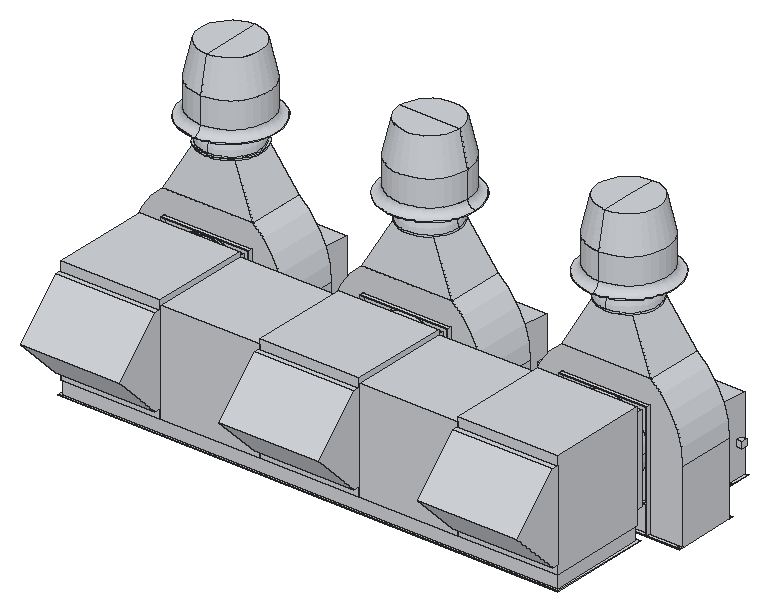
Revit family "Triple_CAVP_with_Mixing_Box", category Mechanical Equipment, Revit 2019 (continued)
Types (228): name | TRIP_Q | TRANSITION/2 | TRANSITION | RO2/2 | RO/2 | MB_P+MB_P+.5 | E/52*30 | E/2-H/2 | E-N-N-H | E-(NOZZLE_RAD/3*2) | TRIP_Q-4.5" | DUAL_Q+.25" | DUAL_Q | R-((B/2)+1.5") | R+((B/2)+1.5") | R*1.1 | R | MB_P-4.5" | MB_P+.25" | P | NOZZLE_WB_RAD-2" | NOZZLE_WB_RAD | NOZZLE_WB_OD | NOZZLE_WB/4 | NOZZLE_TOP_RAD | NOZZLE_TOP_OD | NOZZLE_SIZE | NOZZLE_HEIGHT/7*2 | NOZZLE_HEIGHT | NOZZLE_BOTTOM_RAD-3*2 | NOZZLE_BOTTOM_RAD | NOZZLE_BOTTOM_ID | MB_N-(D-J-K-L) | N+(H/2) | N | MB_Q | MB_P | MB_N | MB_HEIGHT/2 | MB_HEIGHT | MB_F | MB_A | M-(2*(D-L-K-J)) | M | L | K | J+K+L | J | HEIGHT | H/2 | H | F/2 | MB_F-3" | F | E/52*15 | E/2 | E | D-M | D-L-K-J | D | CLASS | C/2 | C | B/4 | B/2 | B | A/2 | A | Type Comments | -MB_P-.25 | -MB_P | -MB_HEIGHT | -(F-((F-H)/2))/2 | -((MB_Q / 2) + 1/8") | (NOZZLE_WB_OD - NOZZLE_TOP_OD) / 4 | (NOZZLE_HEIGHT - (NOZZLE_HEIGHT / 8 * 2)) / 2 | (MB_Q/2)+.125" | (MB_P/2-.125")-((F / 2) - 2") | (MB_P/2-.125")+((F / 2) - 2") | (MB_P/2)+.125" | (M - (2 * (D - L - K - J)))/2 | (F-((F-H)/2))/2 | (E/2)-(E/52*15) | (E/2)-((MB_P/2)+.125") | (E/2)-((B/2)+1.5") | (D-J-K-L)*2 | (B/2)-.125" | (B/2)+1.5" | ((M - (2 * (D - L - K - J))) / 2) + (TRANSITION / 2)
  Triple_600_CAVP-36H_CLASS_2_With_Mixing_Box | 385 3/4" | 18.29639" | 36.59278" | 190 5/8" | 36 1/4" | 154 1/2" | 72.4399" | 28 7/16" | 2" | 45 17/32" | 381 1/4" | 231 5/8" | 231 3/8" | 24 1/2" | 93 1/2" | 64.9" | 59" | 72 1/2" | 77 1/4" | 26" | 43" | 45" | 90" | 18" | 29" | 58" | 36" | 23 3/4" | 95" | 19 7/8" | 25 7/8" | 51 3/4" | 12 1/4" | 60 25/32" | 26 7/16" | 77" | 77" | 13 5/8" | 42 1/4" | 84 1/2" | 21 1/4" | 228 1/4" | 46 9/16" | 49 5/16" | 51 9/16" | 30 1/8" | 96 3/16" | 14 1/2" | 113.83314" | 34 11/32" | 68 11/16" | 35 11/32" | 18 1/4" | 70 11/16" | 36.21995" | 62 25/32" | 125 9/16" | 48 1/4" | 1 3/8" | 97 9/16" | 2" | 72 11/32" | 144 11/16" | 16 1/2" | 33" | 66" | 119 23/32" | 239 7/16" | "Triple Vari-Plume Laboratory Exhaust Centrifugal Airfoil Class 2 Arr 10 With Mixing Box" | -77 1/4" | -77" | -84 1/2" | -33 11/32" | -38 5/8" | 8" | 35 5/8" | 38 5/8" | -5 1/32" | -71 23/32" | 38 5/8" | 23 9/32" | 33 11/32" | 26.5613" | 24 5/32" | 28 9/32" | 2 3/4" | 32 7/8" | 34 1/2" | 41.57764"
  Triple_600_CAVP-49L_CLASS_2_With_Mixing_Box | 385 3/4" | 24.52777" | 49.05553" | 190 5/8" | 36 1/4" | 154 1/2" | 72.4399" | 28 7/16" | 2" | 39 21/32" | 381 1/4" | 231 5/8" | 231 3/8" | 24 1/2" | 93 1/2" | 64.9" | 59" | 72 1/2" | 77 1/4" | 26" | 48 1/2" | 50 1/2" | 101" | 20.2" | 38" | 76" | 49" | 27 1/2" | 110" | 28 11/16" | 34 11/16" | 69 3/8" | 12 1/4" | 60 25/32" | 26 7/16" | 77" | 77" | 13 5/8" | 42 1/4" | 84 1/2" | 21 1/4" | 228 1/4" | 46 9/16" | 49 5/16" | 51 9/16" | 30 1/8" | 96 3/16" | 14 1/2" | 113.83314" | 34 11/32" | 68 11/16" | 35 11/32" | 18 1/4" | 70 11/16" | 36.21995" | 62 25/32" | 125 9/16" | 48 1/4" | 1 3/8" | 97 9/16" | 2" | 72 11/32" | 144 11/16" | 16 1/2" | 33" | 66" | 119 23/32" | 239 7/16" | "Triple Vari-Plume Laboratory Exhaust Centrifugal Airfoil Class 2 Arr 10 With Mixing Box" | -77 1/4" | -77" | -84 1/2" | -33 11/32" | -38 5/8" | 6 1/4" | 41 1/4" | 38 5/8" | -5 1/32" | -71 23/32" | 38 5/8" | 23 9/32" | 33 11/32" | 26.5613" | 24 5/32" | 28 9/32" | 2 3/4" | 32 7/8" | 34 1/2" | 47.80902"
  Triple_600_CAVP-49H_CLASS_2_With_Mixing_Box | 385 3/4" | 24.52777" | 49.05553" | 190 5/8" | 36 1/4" | 154 1/2" | 72.4399" | 28 7/16" | 2" | 39 21/32" | 381 1/4" | 231 5/8" | 231 3/8" | 24 1/2" | 93 1/2" | 64.9" | 59" | 72 1/2" | 77 1/4" | 26" | 48 1/2" | 50 1/2" | 101" | 20.2" | 38" | 76" | 49" | 27 1/2" | 110" | 28 11/16" | 34 11/16" | 69 3/8" | 12 1/4" | 60 25/32" | 26 7/16" | 77" | 77" | 13 5/8" | 42 1/4" | 84 1/2" | 21 1/4" | 228 1/4" | 46 9/16" | 49 5/16" | 51 9/16" | 30 1/8" | 96 3/16" | 14 1/2" | 113.83314" | 34 11/32" | 68 11/16" | 35 11/32" | 18 1/4" | 70 11/16" | 36.21995" | 62 25/32" | 125 9/16" | 48 1/4" | 1 3/8" | 97 9/16" | 2" | 72 11/32" | 144 11/16" | 16 1/2" | 33" | 66" | 119 23/32" | 239 7/16" | "Triple Vari-Plume Laboratory Exhaust Centrifugal Airfoil Class 2 Arr 10 With Mixing Box" | -77 1/4" | -77" | -84 1/2" | -33 11/32" | -38 5/8" | 6 1/4" | 41 1/4" | 38 5/8" | -5 1/32" | -71 23/32" | 38 5/8" | 23 9/32" | 33 11/32" | 26.5613" | 24 5/32" | 28 9/32" | 2 3/4" | 32 7/8" | 34 1/2" | 47.80902"
  Triple_660_CAVP-36H_CLASS_1_With_Mixing_Box | 415 3/4" | 18.29639" | 36.59278" | 205 5/8" | 39 1/4" | 166 1/2" | 79.57933" | 31 5/8" | 2" | 51 23/32" | 411 1/4" | 249 5/8" | 249 3/8" | 27 1/2" | 102 1/2" | 71 1/2" | 65" | 78 1/2" | 83 1/4" | 19 1/2" | 43" | 45" | 90" | 18" | 29" | 58" | 36" | 23 3/4" | 95" | 19 7/8" | 25 7/8" | 51 3/4" | 12 1/4" | 66 31/32" | 29 5/8" | 83" | 83" | 13 5/8" | 46 3/4" | 93 1/2" | 24 1/4" | 243 5/8" | 51 3/16" | 53 15/16" | 56 1/4" | 29 7/8" | 101 1/8" | 15" | 125.23731" | 37 11/32" | 74 11/16" | 38 11/32" | 21 1/4" | 76 11/16" | 39.78966" | 68 31/32" | 137 15/16" | 48 9/16" | 1 3/8" | 102 1/2" | 1" | 80 1/8" | 160 1/4" | 18" | 36" | 72" | 135 1/8" | 270 1/4" | "Triple Vari-Plume Laboratory Exhaust Centrifugal Airfoil Class 1 Arr 10 With Mixing Box" | -83 1/4" | -83" | -93 1/2" | -36 11/32" | -41 5/8" | 8" | 35 5/8" | 41 5/8" | -5 1/32" | -77 23/32" | 41 5/8" | 25 19/32" | 36 11/32" | 29.17909" | 27 11/32" | 31 15/32" | 2 3/4" | 35 7/8" | 37 1/2" | 43.89014"
  Triple_660_CAVP-36L_CLASS_1_With_Mixing_Box | 415 3/4" | 18.29639" | 36.59278" | 205 5/8" | 39 1/4" | 166 1/2" | 79.57933" | 31 5/8" | 2" | 51 23/32" | 411 1/4" | 249 5/8" | 249 3/8" | 27 1/2" | 102 1/2" | 71 1/2" | 65" | 78 1/2" | 83 1/4" | 19 1/2" | 43" | 45" | 90" | 18" | 29" | 58" | 36" | 23 3/4" | 95" | 19 7/8" | 25 7/8" | 51 3/4" | 12 1/4" | 66 31/32" | 29 5/8" | 83" | 83" | 13 5/8" | 46 3/4" | 93 1/2" | 24 1/4" | 243 5/8" | 51 3/16" | 53 15/16" | 56 1/4" | 29 7/8" | 101 1/8" | 15" | 125.23731" | 37 11/32" | 74 11/16" | 38 11/32" | 21 1/4" | 76 11/16" | 39.78966" | 68 31/32" | 137 15/16" | 48 9/16" | 1 3/8" | 102 1/2" | 1" | 80 1/8" | 160 1/4" | 18" | 36" | 72" | 135 1/8" | 270 1/4" | "Triple Vari-Plume Laboratory Exhaust Centrifugal Airfoil Class 1 Arr 10 With Mixing Box" | -83 1/4" | -83" | -93 1/2" | -36 11/32" | -41 5/8" | 8" | 35 5/8" | 41 5/8" | -5 1/32" | -77 23/32" | 41 5/8" | 25 19/32" | 36 11/32" | 29.17909" | 27 11/32" | 31 15/32" | 2 3/4" | 35 7/8" | 37 1/2" | 43.89014"
  Triple_660_CAVP-49H_CLASS_1_With_Mixing_Box | 415 3/4" | 24.52777" | 49.05553" | 205 5/8" | 39 1/4" | 166 1/2" | 79.57933" | 31 5/8" | 2" | 45 27/32" | 411 1/4" | 249 5/8" | 249 3/8" | 27 1/2" | 102 1/2" | 71 1/2" | 65" | 78 1/2" | 83 1/4" | 19 1/2" | 48 1/2" | 50 1/2" | 101" | 20.2" | 38" | 76" | 49" | 27 1/2" | 110" | 28 11/16" | 34 11/16" | 69 3/8" | 12 1/4" | 66 31/32" | 29 5/8" | 83" | 83" | 13 5/8" | 46 3/4" | 93 1/2" | 24 1/4" | 243 5/8" | 51 3/16" | 53 15/16" | 56 1/4" | 29 7/8" | 101 1/8" | 15" | 125.23731" | 37 11/32" | 74 11/16" | 38 11/32" | 21 1/4" | 76 11/16" | 39.78966" | 68 31/32" | 137 15/16" | 48 9/16" | 1 3/8" | 102 1/2" | 1" | 80 1/8" | 160 1/4" | 18" | 36" | 72" | 135 1/8" | 270 1/4" | "Triple Vari-Plume Laboratory Exhaust Centrifugal Airfoil Class 1 Arr 10 With Mixing Box" | -83 1/4" | -83" | -93 1/2" | -36 11/32" | -41 5/8" | 6 1/4" | 41 1/4" | 41 5/8" | -5 1/32" | -77 23/32" | 41 5/8" | 25 19/32" | 36 11/32" | 29.17909" | 27 11/32" | 31 15/32" | 2 3/4" | 35 7/8" | 37 1/2" | 50.12152"
  Triple_660_CAVP-49L_CLASS_1_With_Mixing_Box | 415 3/4" | 24.52777" | 49.05553" | 205 5/8" | 39 1/4" | 166 1/2" | 79.57933" | 31 5/8" | 2" | 45 27/32" | 411 1/4" | 249 5/8" | 249 3/8" | 27 1/2" | 102 1/2" | 71 1/2" | 65" | 78 1/2" | 83 1/4" | 19 1/2" | 48 1/2" | 50 1/2" | 101" | 20.2" | 38" | 76" | 49" | 27 1/2" | 110" | 28 11/16" | 34 11/16" | 69 3/8" | 12 1/4" | 66 31/32" | 29 5/8" | 83" | 83" | 13 5/8" | 46 3/4" | 93 1/2" | 24 1/4" | 243 5/8" | 51 3/16" | 53 15/16" | 56 1/4" | 29 7/8" | 101 1/8" | 15" | 125.23731" | 37 11/32" | 74 11/16" | 38 11/32" | 21 1/4" | 76 11/16" | 39.78966" | 68 31/32" | 137 15/16" | 48 9/16" | 1 3/8" | 102 1/2" | 1" | 80 1/8" | 160 1/4" | 18" | 36" | 72" | 135 1/8" | 270 1/4" | "Triple Vari-Plume Laboratory Exhaust Centrifugal Airfoil Class 1 Arr 10 With Mixing Box" | -83 1/4" | -83" | -93 1/2" | -36 11/32" | -41 5/8" | 6 1/4" | 41 1/4" | 41 5/8" | -5 1/32" | -77 23/32" | 41 5/8" | 25 19/32" | 36 11/32" | 29.17909" | 27 11/32" | 31 15/32" | 2 3/4" | 35 7/8" | 37 1/2" | 50.12152"
  Triple_660_CAVP-36H_CLASS_2_With_Mixing_Box | 415 3/4" | 18.29639" | 36.59278" | 205 5/8" | 39 1/4" | 166 1/2" | 79.57933" | 31 5/8" | 2" | 51 23/32" | 411 1/4" | 249 5/8" | 249 3/8" | 27 1/2" | 102 1/2" | 71 1/2" | 65" | 78 1/2" | 83 1/4" | 29 1/2" | 43" | 45" | 90" | 18" | 29" | 58" | 36" | 23 3/4" | 95" | 19 7/8" | 25 7/8" | 51 3/4" | 12 1/4" | 66 31/32" | 29 5/8" | 83" | 83" | 13 5/8" | 46 3/4" | 93 1/2" | 24 1/4" | 252 3/8" | 51 3/16" | 53 15/16" | 56 1/4" | 38 5/8" | 109 7/8" | 15" | 125.23731" | 37 11/32" | 74 11/16" | 38 11/32" | 21 1/4" | 76 11/16" | 39.78966" | 68 31/32" | 137 15/16" | 57 5/16" | 1 3/8" | 111 1/4" | 2" | 80 1/8" | 160 1/4" | 18" | 36" | 72" | 135 1/8" | 270 1/4" | "Triple Vari-Plume Laboratory Exhaust Centrifugal Airfoil Class 2 Arr 10 With Mixing Box" | -83 1/4" | -83" | -93 1/2" | -36 11/32" | -41 5/8" | 8" | 35 5/8" | 41 5/8" | -5 1/32" | -77 23/32" | 41 5/8" | 25 19/32" | 36 11/32" | 29.17909" | 27 11/32" | 31 15/32" | 2 3/4" | 35 7/8" | 37 1/2" | 43.89014"
  Triple_660_CAVP-36L_CLASS_2_With_Mixing_Box | 415 3/4" | 18.29639" | 36.59278" | 205 5/8" | 39 1/4" | 166 1/2" | 79.57933" | 31 5/8" | 2" | 51 23/32" | 411 1/4" | 249 5/8" | 249 3/8" | 27 1/2" | 102 1/2" | 71 1/2" | 65" | 78 1/2" | 83 1/4" | 29 1/2" | 43" | 45" | 90" | 18" | 29" | 58" | 36" | 23 3/4" | 95" | 19 7/8" | 25 7/8" | 51 3/4" | 12 1/4" | 66 31/32" | 29 5/8" | 83" | 83" | 13 5/8" | 46 3/4" | 93 1/2" | 24 1/4" | 252 3/8" | 51 3/16" | 53 15/16" | 56 1/4" | 38 5/8" | 109 7/8" | 15" | 125.23731" | 37 11/32" | 74 11/16" | 38 11/32" | 21 1/4" | 76 11/16" | 39.78966" | 68 31/32" | 137 15/16" | 57 5/16" | 1 3/8" | 111 1/4" | 2" | 80 1/8" | 160 1/4" | 18" | 36" | 72" | 135 1/8" | 270 1/4" | "Triple Vari-Plume Laboratory Exhaust Centrifugal Airfoil Class 2 Arr 10 With Mixing Box" | -83 1/4" | -83" | -93 1/2" | -36 11/32" | -41 5/8" | 8" | 35 5/8" | 41 5/8" | -5 1/32" | -77 23/32" | 41 5/8" | 25 19/32" | 36 11/32" | 29.17909" | 27 11/32" | 31 15/32" | 2 3/4" | 35 7/8" | 37 1/2" | 43.89014"
  Triple_660_CAVP-49L_CLASS_2_With_Mixing_Box | 415 3/4" | 24.52777" | 49.05553" | 205 5/8" | 39 1/4" | 166 1/2" | 79.57933" | 31 5/8" | 2" | 45 27/32" | 411 1/4" | 249 5/8" | 249 3/8" | 27 1/2" | 102 1/2" | 71 1/2" | 65" | 78 1/2" | 83 1/4" | 29 1/2" | 48 1/2" | 50 1/2" | 101" | 20.2" | 38" | 76" | 49" | 27 1/2" | 110" | 28 11/16" | 34 11/16" | 69 3/8" | 12 1/4" | 66 31/32" | 29 5/8" | 83" | 83" | 13 5/8" | 46 3/4" | 93 1/2" | 24 1/4" | 252 3/8" | 51 3/16" | 53 15/16" | 56 1/4" | 38 5/8" | 109 7/8" | 15" | 125.23731" | 37 11/32" | 74 11/16" | 38 11/32" | 21 1/4" | 76 11/16" | 39.78966" | 68 31/32" | 137 15/16" | 57 5/16" | 1 3/8" | 111 1/4" | 2" | 80 1/8" | 160 1/4" | 18" | 36" | 72" | 135 1/8" | 270 1/4" | "Triple Vari-Plume Laboratory Exhaust Centrifugal Airfoil Class 2 Arr 10 With Mixing Box" | -83 1/4" | -83" | -93 1/2" | -36 11/32" | -41 5/8" | 6 1/4" | 41 1/4" | 41 5/8" | -5 1/32" | -77 23/32" | 41 5/8" | 25 19/32" | 36 11/32" | 29.17909" | 27 11/32" | 31 15/32" | 2 3/4" | 35 7/8" | 37 1/2" | 50.12152"
  Triple_730_CAVP-36H_CLASS_1_With_Mixing_Box | 450 3/4" | 18.29639" | 36.59278" | 223 1/8" | 42 3/4" | 180 1/2" | 87.90865" | 35 11/32" | 2" | 58 15/16" | 446 1/4" | 270 5/8" | 270 3/8" | 31" | 113" | 79.2" | 72" | 85 1/2" | 90 1/4" | 22 1/8" | 43" | 45" | 90" | 18" | 29" | 58" | 36" | 23 3/4" | 95" | 19 7/8" | 25 7/8" | 51 3/4" | 12 1/4" | 74 3/16" | 33 11/32" | 90" | 90" | 13 5/8" | 52" | 104" | 27 3/4" | 248 1/128" | 56 1/2" | 59 1/4" | 61 9/16" | 29 7/8" | 106 15/16" | 15 1/2" | 138.54216" | 40 27/32" | 81 11/16" | 41 27/32" | 24 3/4" | 83 11/16" | 43.95433" | 76 3/16" | 152 3/8" | 49 1/16" | 1 3/8" | 108 5/16" | 1" | 88 3/16" | 176 3/8" | 19 3/4" | 39 1/2" | 79" | 143 3/16" | 286 3/8" | "Triple Vari-Plume Laboratory Exhaust Centrifugal Airfoil Class 1 Arr 10 With Mixing Box" | -90 1/4" | -90" | -104" | -39 27/32" | -45 1/8" | 8" | 35 5/8" | 45 1/8" | -5 1/32" | -84 23/32" | 45 1/8" | 28 1/4" | 39 27/32" | 32.23317" | 31 1/16" | 35 3/16" | 2 3/4" | 39 3/8" | 41" | 46.54639"
  Triple_730_CAVP-36L_CLASS_1_With_Mixing_Box | 450 3/4" | 18.29639" | 36.59278" | 223 1/8" | 42 3/4" | 180 1/2" | 87.90865" | 35 11/32" | 2" | 58 15/16" | 446 1/4" | 270 5/8" | 270 3/8" | 31" | 113" | 79.2" | 72" | 85 1/2" | 90 1/4" | 22 1/8" | 43" | 45" | 90" | 18" | 29" | 58" | 36" | 23 3/4" | 95" | 19 7/8" | 25 7/8" | 51 3/4" | 12 1/4" | 74 3/16" | 33 11/32" | 90" | 90" | 13 5/8" | 52" | 104" | 27 3/4" | 261 11/16" | 56 1/2" | 59 1/4" | 61 9/16" | 29 7/8" | 106 15/16" | 15 1/2" | 138.54216" | 40 27/32" | 81 11/16" | 41 27/32" | 24 3/4" | 83 11/16" | 43.95433" | 76 3/16" | 152 3/8" | 49 1/16" | 1 3/8" | 108 5/16" | 1" | 88 3/16" | 176 3/8" | 19 3/4" | 39 1/2" | 79" | 143 3/16" | 286 3/8" | "Triple Vari-Plume Laboratory Exhaust Centrifugal Airfoil Class 1 Arr 10 With Mixing Box" | -90 1/4" | -90" | -104" | -39 27/32" | -45 1/8" | 8" | 35 5/8" | 45 1/8" | -5 1/32" | -84 23/32" | 45 1/8" | 28 1/4" | 39 27/32" | 32.23317" | 31 1/16" | 35 3/16" | 2 3/4" | 39 3/8" | 41" | 46.54639"
  Triple_730_CAVP-49H_CLASS_1_With_Mixing_Box | 450 3/4" | 24.52777" | 49.05553" | 223 1/8" | 42 3/4" | 180 1/2" | 87.90865" | 35 11/32" | 2" | 53 1/16" | 446 1/4" | 270 5/8" | 270 3/8" | 31" | 113" | 79.2" | 72" | 85 1/2" | 90 1/4" | 22 1/8" | 48 1/2" | 50 1/2" | 101" | 20.2" | 38" | 76" | 49" | 27 1/2" | 110" | 28 11/16" | 34 11/16" | 69 3/8" | 12 1/4" | 74 3/16" | 33 11/32" | 90" | 90" | 13 5/8" | 52" | 104" | 27 3/4" | 261 11/16" | 56 1/2" | 59 1/4" | 61 9/16" | 29 7/8" | 106 15/16" | 15 1/2" | 138.54216" | 40 27/32" | 81 11/16" | 41 27/32" | 24 3/4" | 83 11/16" | 43.95433" | 76 3/16" | 152 3/8" | 49 1/16" | 1 3/8" | 108 5/16" | 1" | 88 3/16" | 176 3/8" | 19 3/4" | 39 1/2" | 79" | 143 3/16" | 286 3/8" | "Triple Vari-Plume Laboratory Exhaust Centrifugal Airfoil Class 1 Arr 10 With Mixing Box" | -90 1/4" | -90" | -104" | -39 27/32" | -45 1/8" | 6 1/4" | 41 1/4" | 45 1/8" | -5 1/32" | -84 23/32" | 45 1/8" | 28 1/4" | 39 27/32" | 32.23317" | 31 1/16" | 35 3/16" | 2 3/4" | 39 3/8" | 41" | 52.77777"
  Triple_730_CAVP-49L_CLASS_1_With_Mixing_Box | 450 3/4" | 24.52777" | 49.05553" | 223 1/8" | 42 3/4" | 180 1/2" | 87.90865" | 35 11/32" | 2" | 53 1/16" | 446 1/4" | 270 5/8" | 270 3/8" | 31" | 113" | 79.2" | 72" | 85 1/2" | 90 1/4" | 22 1/8" | 48 1/2" | 50 1/2" | 101" | 20.2" | 38" | 76" | 49" | 27 1/2" | 110" | 28 11/16" | 34 11/16" | 69 3/8" | 12 1/4" | 74 3/16" | 33 11/32" | 90" | 90" | 13 5/8" | 52" | 104" | 27 3/4" | 261 11/16" | 56 1/2" | 59 1/4" | 61 9/16" | 29 7/8" | 106 15/16" | 15 1/2" | 138.54216" | 40 27/32" | 81 11/16" | 41 27/32" | 24 3/4" | 83 11/16" | 43.95433" | 76 3/16" | 152 3/8" | 49 1/16" | 1 3/8" | 108 5/16" | 1" | 88 3/16" | 176 3/8" | 19 3/4" | 39 1/2" | 79" | 143 3/16" | 286 3/8" | "Triple Vari-Plume Laboratory Exhaust Centrifugal Airfoil Class 1 Arr 10 With Mixing Box" | -90 1/4" | -90" | -104" | -39 27/32" | -45 1/8" | 6 1/4" | 41 1/4" | 45 1/8" | -5 1/32" | -84 23/32" | 45 1/8" | 28 1/4" | 39 27/32" | 32.23317" | 31 1/16" | 35 3/16" | 2 3/4" | 39 3/8" | 41" | 52.77777"
  Triple_730_CAVP-36H_CLASS_2_With_Mixing_Box | 450 3/4" | 18.29639" | 36.59278" | 223 1/8" | 42 3/4" | 180 1/2" | 87.90865" | 35 11/32" | 2" | 58 15/16" | 446 1/4" | 270 5/8" | 270 3/8" | 31" | 113" | 79.2" | 72" | 85 1/2" | 90 1/4" | 29 1/2" | 43" | 45" | 90" | 18" | 29" | 58" | 36" | 23 3/4" | 95" | 19 7/8" | 25 7/8" | 51 3/4" | 12 1/4" | 74 3/16" | 33 11/32" | 90" | 90" | 13 5/8" | 52" | 104" | 27 3/4" | 270 7/16" | 56 1/2" | 59 1/4" | 61 1/2" | 38 5/8" | 115 5/8" | 15 1/2" | 138.54216" | 40 27/32" | 81 11/16" | 41 27/32" | 24 3/4" | 83 11/16" | 43.95433" | 76 3/16" | 152 3/8" | 57 3/4" | 1 3/8" | 117" | 2" | 88 3/16" | 176 3/8" | 19 3/4" | 39 1/2" | 79" | 143 3/16" | 286 3/8" | "Triple Vari-Plume Laboratory Exhaust Centrifugal Airfoil Class 2 Arr 10 With Mixing Box" | -90 1/4" | -90" | -104" | -39 27/32" | -45 1/8" | 8" | 35 5/8" | 45 1/8" | -5 1/32" | -84 23/32" | 45 1/8" | 28 1/4" | 39 27/32" | 32.23317" | 31 1/16" | 35 3/16" | 2 3/4" | 39 3/8" | 41" | 46.54639"
  Triple_730_CAVP-36L_CLASS_2_With_Mixing_Box | 450 3/4" | 18.29639" | 36.59278" | 223 1/8" | 42 3/4" | 180 1/2" | 87.90865" | 35 11/32" | 2" | 58 15/16" | 446 1/4" | 270 5/8" | 270 3/8" | 31" | 113" | 79.2" | 72" | 85 1/2" | 90 1/4" | 29 1/2" | 43" | 45" | 90" | 18" | 29" | 58" | 36" | 23 3/4" | 95" | 19 7/8" | 25 7/8" | 51 3/4" | 12 1/4" | 74 3/16" | 33 11/32" | 90" | 90" | 13 5/8" | 52" | 104" | 27 3/4" | 270 7/16" | 56 1/2" | 59 1/4" | 61 1/2" | 38 5/8" | 115 5/8" | 15 1/2" | 138.54216" | 40 27/32" | 81 11/16" | 41 27/32" | 24 3/4" | 83 11/16" | 43.95433" | 76 3/16" | 152 3/8" | 57 3/4" | 1 3/8" | 117" | 2" | 88 3/16" | 176 3/8" | 19 3/4" | 39 1/2" | 79" | 143 3/16" | 286 3/8" | "Triple Vari-Plume Laboratory Exhaust Centrifugal Airfoil Class 2 Arr 10 With Mixing Box" | -90 1/4" | -90" | -104" | -39 27/32" | -45 1/8" | 8" | 35 5/8" | 45 1/8" | -5 1/32" | -84 23/32" | 45 1/8" | 28 1/4" | 39 27/32" | 32.23317" | 31 1/16" | 35 3/16" | 2 3/4" | 39 3/8" | 41" | 46.54639"
  Triple_730_CAVP-49H_CLASS_2_With_Mixing_Box | 450 3/4" | 24.52777" | 49.05553" | 223 1/8" | 42 3/4" | 180 1/2" | 87.90865" | 35 11/32" | 2" | 53 1/16" | 446 1/4" | 270 5/8" | 270 3/8" | 31" | 113" | 79.2" | 72" | 85 1/2" | 90 1/4" | 29 1/2" | 48 1/2" | 50 1/2" | 101" | 20.2" | 38" | 76" | 49" | 27 1/2" | 110" | 28 11/16" | 34 11/16" | 69 3/8" | 12 1/4" | 74 3/16" | 33 11/32" | 90" | 90" | 13 5/8" | 52" | 104" | 27 3/4" | 270 7/16" | 56 1/2" | 59 1/4" | 61 1/2" | 38 5/8" | 115 5/8" | 15 1/2" | 138.54216" | 40 27/32" | 81 11/16" | 41 27/32" | 24 3/4" | 83 11/16" | 43.95433" | 76 3/16" | 152 3/8" | 57 3/4" | 1 3/8" | 117" | 2" | 88 3/16" | 176 3/8" | 19 3/4" | 39 1/2" | 79" | 143 3/16" | 286 3/8" | "Triple Vari-Plume Laboratory Exhaust Centrifugal Airfoil Class 2 Arr 10 With Mixing Box" | -90 1/4" | -90" | -104" | -39 27/32" | -45 1/8" | 6 1/4" | 41 1/4" | 45 1/8" | -5 1/32" | -84 23/32" | 45 1/8" | 28 1/4" | 39 27/32" | 32.23317" | 31 1/16" | 35 3/16" | 2 3/4" | 39 3/8" | 41" | 52.77777"
  Triple_730_CAVP-49L_CLASS_2_With_Mixing_Box | 450 3/4" | 24.52777" | 49.05553" | 223 1/8" | 42 3/4" | 180 1/2" | 87.90865" | 35 11/32" | 2" | 53 1/16" | 446 1/4" | 270 5/8" | 270 3/8" | 31" | 113" | 79.2" | 72" | 85 1/2" | 90 1/4" | 29 1/2" | 48 1/2" | 50 1/2" | 101" | 20.2" | 38" | 76" | 49" | 27 1/2" | 110" | 28 11/16" | 34 11/16" | 69 3/8" | 12 1/4" | 74 3/16" | 33 11/32" | 90" | 90" | 13 5/8" | 52" | 104" | 27 3/4" | 270 7/16" | 56 1/2" | 59 1/4" | 61 1/2" | 38 5/8" | 115 5/8" | 15 1/2" | 138.54216" | 40 27/32" | 81 11/16" | 41 27/32" | 24 3/4" | 83 11/16" | 43.95433" | 76 3/16" | 152 3/8" | 57 3/4" | 1 3/8" | 117" | 2" | 88 3/16" | 176 3/8" | 19 3/4" | 39 1/2" | 79" | 143 3/16" | 286 3/8" | "Triple Vari-Plume Laboratory Exhaust Centrifugal Airfoil Class 2 Arr 10 With Mixing Box" | -90 1/4" | -90" | -104" | -39 27/32" | -45 1/8" | 6 1/4" | 41 1/4" | 45 1/8" | -5 1/32" | -84 23/32" | 45 1/8" | 28 1/4" | 39 27/32" | 32.23317" | 31 1/16" | 35 3/16" | 2 3/4" | 39 3/8" | 41" | 52.77777"
  Triple_225_CAVP-15H_CLASS_1_With_Mixing_Box | 190 3/4" | 7.5572" | 15.11441" | 93 1/8" | 16 3/4" | 76 1/2" | 27.8726" | 10 11/32" | 2" | 17 1/32" | 186 1/4" | 114 5/8" | 114 3/8" | 9 1/32" | 39 15/32" | 26.675" | 24 1/4" | 33 1/2" | 38 1/4" | 60" | 16" | 18" | 36" | 7.2" | 11 1/2" | 23" | 15" | 10 3/4" | 43" | 4 11/16" | 10 11/16" | 21 3/8" | 13 3/16" | 22 5/32" | 8 11/32" | 38" | 38" | 14 3/16" | 21 5/8" | 43 1/4" | 5 3/4" | 117 5/8" | 17 7/16" | 19 7/16" | 21 7/16" | 15 1/8" | 45 1/16" | 8 1/2" | 45.34807" | 13 13/16" | 27 5/8" | 14 13/16" | 2 3/4" | 29 5/8" | 13.9363" | 24 5/32" | 48 5/16" | 26 5/8" | 1" | 46 1/16" | 1" | 29 19/32" | 59 3/16" | 6 55/64" | 13 23/32" | 27 7/16" | 53 11/32" | 106 11/16" | "Triple Vari-Plume Laboratory Exhaust Centrifugal Airfoil Class 1 Arr 10 With Mixing Box" | -38 1/4" | -38" | -43 1/4" | -12 13/16" | -19 1/8" | 3 1/4" | 16 1/8" | 19 1/8" | -6 1/16" | -31 11/16" | 19 1/8" | 8 23/32" | 12 13/16" | 10.21995" | 5 1/32" | 8 15/16" | 2" | 13 19/32" | 15 7/32" | 16.27595"
  Triple_270_CAVP-21H_CLASS_1_With_Mixing_Box | 215 3/4" | 10.16466" | 20.32932" | 105 5/8" | 19 1/4" | 86 1/2" | 33.20913" | 12 19/32" | 2" | 19.19792" | 211 1/4" | 129 5/8" | 129 3/8" | 9 17/32" | 44 15/32" | 29.7" | 27" | 38 1/2" | 43 1/4" | 60" | 22 1/2" | 24 1/2" | 49" | 9.8" | 15 3/8" | 30 3/4" | 21" | 13 3/16" | 52 3/4" | 8 3/8" | 14 3/8" | 28 3/4" | 13 3/16" | 26 25/32" | 10 19/32" | 43" | 43" | 14 3/16" | 23 7/8" | 47 3/4" | 6 1/4" | 132 7/16" | 20 7/8" | 22 7/8" | 24 7/8" | 19 1/8" | 53 1/2" | 9 1/2" | 52.13754" | 16 3/16" | 32 3/8" | 17 3/16" | 3 1/4" | 34 3/8" | 16.60457" | 28 25/32" | 57 9/16" | 31 5/8" | 1" | 54 1/2" | 1" | 34 15/32" | 68 15/16" | 7 63/64" | 15 31/32" | 31 15/16" | 58 7/32" | 116 7/16" | "Triple Vari-Plume Laboratory Exhaust Centrifugal Airfoil Class 1 Arr 10 With Mixing Box" | -43 1/4" | -43" | -47 3/4" | -15 3/16" | -21 5/8" | 4 9/16" | 19 25/32" | 21 5/8" | -6 3/16" | -36 9/16" | 21 5/8" | 10 7/16" | 15 3/16" | 12.17668" | 7 5/32" | 11 5/16" | 2" | 15 27/32" | 17 15/32" | 20.60216"
  Triple_270_CAVP-21L_CLASS_1_With_Mixing_Box | 215 3/4" | 10.16466" | 20.32932" | 105 5/8" | 19 1/4" | 86 1/2" | 33.20913" | 12 19/32" | 2" | 19.19792" | 211 1/4" | 129 5/8" | 129 3/8" | 9 17/32" | 44 15/32" | 29.7" | 27" | 38 1/2" | 43 1/4" | 60" | 22 1/2" | 24 1/2" | 49" | 9.8" | 15 3/8" | 30 3/4" | 21" | 13 3/16" | 52 3/4" | 8 3/8" | 14 3/8" | 28 3/4" | 13 3/16" | 26 25/32" | 10 19/32" | 43" | 43" | 14 3/16" | 23 7/8" | 47 3/4" | 6 1/4" | 132 7/16" | 20 7/8" | 22 7/8" | 24 7/8" | 19 1/8" | 53 1/2" | 9 1/2" | 52.13754" | 16 3/16" | 32 3/8" | 17 3/16" | 3 1/4" | 34 3/8" | 16.60457" | 28 25/32" | 57 9/16" | 31 5/8" | 1" | 54 1/2" | 1" | 34 15/32" | 68 15/16" | 7 63/64" | 15 31/32" | 31 15/16" | 58 7/32" | 116 7/16" | "Triple Vari-Plume Laboratory Exhaust Centrifugal Airfoil Class 1 Arr 10 With Mixing Box" | -43 1/4" | -43" | -47 3/4" | -15 3/16" | -21 5/8" | 4 9/16" | 19 25/32" | 21 5/8" | -6 3/16" | -36 9/16" | 21 5/8" | 10 7/16" | 15 3/16" | 12.17668" | 7 5/32" | 11 5/16" | 2" | 15 27/32" | 17 15/32" | 20.60216"
  Triple_270_CAVP-21H_CLASS_2_With_Mixing_Box | 215 3/4" | 10.16466" | 20.32932" | 105 5/8" | 19 1/4" | 86 1/2" | 33.20913" | 12 19/32" | 2 19/32" | 19.19792" | 211 1/4" | 129 5/8" | 129 3/8" | 9 17/32" | 44 15/32" | 29.7" | 27" | 38 1/2" | 43 1/4" | 60" | 22 1/2" | 24 1/2" | 49" | 9.8" | 15 3/8" | 30 3/4" | 21" | 13 3/16" | 52 3/4" | 8 3/8" | 14 3/8" | 28 3/4" | 13 3/16" | 26 3/16" | 10" | 43" | 43" | 14 3/16" | 23 7/8" | 47 3/4" | 6 1/4" | 134 7/16" | 20 7/8" | 22 7/8" | 24 7/8" | 21 3/8" | 55 1/2" | 9 1/4" | 52.13754" | 16 3/16" | 32 3/8" | 17 3/16" | 3 1/4" | 34 3/8" | 16.60457" | 28 25/32" | 57 9/16" | 33 5/8" | 1" | 56 1/2" | 2" | 34 15/32" | 68 15/16" | 7 63/64" | 15 31/32" | 31 15/16" | 58 7/32" | 116 7/16" | "Triple Vari-Plume Laboratory Exhaust Centrifugal Airfoil Class 2 Arr 10 With Mixing Box" | -43 1/4" | -43" | -47 3/4" | -15 3/16" | -21 5/8" | 4 9/16" | 19 25/32" | 21 5/8" | -6 3/16" | -36 9/16" | 21 5/8" | 10 7/16" | 15 3/16" | 12.17668" | 7 5/32" | 11 5/16" | 2" | 15 27/32" | 17 15/32" | 20.60216"
  Triple_270_CAVP-21L_CLASS_2_With_Mixing_Box | 215 3/4" | 10.16466" | 20.32932" | 105 5/8" | 19 1/4" | 86 1/2" | 33.20913" | 12 19/32" | 2 19/32" | 19.19792" | 211 1/4" | 129 5/8" | 129 3/8" | 9 17/32" | 44 15/32" | 29.7" | 27" | 38 1/2" | 43 1/4" | 60" | 22 1/2" | 24 1/2" | 49" | 9.8" | 15 3/8" | 30 3/4" | 21" | 13 3/16" | 52 3/4" | 8 3/8" | 14 3/8" | 28 3/4" | 13 3/16" | 26 3/16" | 10" | 43" | 43" | 14 3/16" | 23 7/8" | 47 3/4" | 6 1/4" | 134 7/16" | 20 7/8" | 22 7/8" | 24 7/8" | 21 3/8" | 55 1/2" | 9 1/4" | 52.13754" | 16 3/16" | 32 3/8" | 17 3/16" | 3 1/4" | 34 3/8" | 16.60457" | 28 25/32" | 57 9/16" | 33 5/8" | 1" | 56 1/2" | 2" | 34 15/32" | 68 15/16" | 7 63/64" | 15 31/32" | 31 15/16" | 58 7/32" | 116 7/16" | "Triple Vari-Plume Laboratory Exhaust Centrifugal Airfoil Class 2 Arr 10 With Mixing Box" | -43 1/4" | -43" | -47 3/4" | -15 3/16" | -21 5/8" | 4 9/16" | 19 25/32" | 21 5/8" | -6 3/16" | -36 9/16" | 21 5/8" | 10 7/16" | 15 3/16" | 12.17668" | 7 5/32" | 11 5/16" | 2" | 15 27/32" | 17 15/32" | 20.60216"
  Triple_300_CAVP-21H_CLASS_1_With_Mixing_Box | 230 3/4" | 10.16466" | 20.32932" | 113 1/8" | 20 3/4" | 92 1/2" | 36.77885" | 14 3/16" | 2" | 22.29167" | 226 1/4" | 138 5/8" | 138 3/8" | 11 1/32" | 48 31/32" | 33" | 30" | 41 1/2" | 46 1/4" | 60" | 22 1/2" | 24 1/2" | 49" | 9.8" | 15 3/8" | 30 3/4" | 21" | 13 3/16" | 52 3/4" | 8 3/8" | 14 3/8" | 28 3/4" | 13 3/16" | 29 7/8" | 12 3/16" | 46" | 46" | 14 3/16" | 25 3/8" | 50 3/4" | 7 3/4" | 140 1/8" | 23 3/16" | 25 3/16" | 27 3/16" | 19 1/8" | 56 5/16" | 10" | 57.83963" | 17 11/16" | 35 3/8" | 18 11/16" | 4 3/4" | 37 3/8" | 18.38942" | 31 7/8" | 63 3/4" | 32 1/8" | 1" | 57 5/16" | 1" | 37 15/32" | 74 15/16" | 8 47/64" | 17 15/32" | 34 15/16" | 61 7/32" | 122 7/16" | "Triple Vari-Plume Laboratory Exhaust Centrifugal Airfoil Class 1 Arr 10 With Mixing Box" | -46 1/4" | -46" | -50 3/4" | -16 11/16" | -23 1/8" | 4 9/16" | 19 25/32" | 23 1/8" | -6 3/16" | -39 9/16" | 23 1/8" | 11 19/32" | 16 11/16" | 13.48558" | 8 3/4" | 12 29/32" | 2" | 17 11/32" | 18 31/32" | 21.75841"
  Triple_300_CAVP-21L_CLASS_1_With_Mixing_Box | 230 3/4" | 10.16466" | 20.32932" | 113 1/8" | 20 3/4" | 92 1/2" | 36.77885" | 14 3/16" | 2" | 22.29167" | 226 1/4" | 138 5/8" | 138 3/8" | 11 1/32" | 48 31/32" | 33" | 30" | 41 1/2" | 46 1/4" | 60" | 22 1/2" | 24 1/2" | 49" | 9.8" | 15 3/8" | 30 3/4" | 21" | 13 3/16" | 52 3/4" | 8 3/8" | 14 3/8" | 28 3/4" | 13 3/16" | 29 7/8" | 12 3/16" | 46" | 46" | 14 3/16" | 25 3/8" | 50 3/4" | 7 3/4" | 140 1/8" | 23 3/16" | 25 3/16" | 27 3/16" | 19 1/8" | 56 5/16" | 10" | 57.83963" | 17 11/16" | 35 3/8" | 18 11/16" | 4 3/4" | 37 3/8" | 18.38942" | 31 7/8" | 63 3/4" | 32 1/8" | 1" | 57 5/16" | 1" | 37 15/32" | 74 15/16" | 8 47/64" | 17 15/32" | 34 15/16" | 61 7/32" | 122 7/16" | "Triple Vari-Plume Laboratory Exhaust Centrifugal Airfoil Class 1 Arr 10 With Mixing Box" | -46 1/4" | -46" | -50 3/4" | -16 11/16" | -23 1/8" | 4 9/16" | 19 25/32" | 23 1/8" | -6 3/16" | -39 9/16" | 23 1/8" | 11 19/32" | 16 11/16" | 13.48558" | 8 3/4" | 12 29/32" | 2" | 17 11/32" | 18 31/32" | 21.75841"
  Triple_300_CAVP-21H_CLASS_2_With_Mixing_Box | 230 3/4" | 10.16466" | 20.32932" | 113 1/8" | 20 3/4" | 92 1/2" | 36.77885" | 14 3/16" | 2" | 22.29167" | 226 1/4" | 138 5/8" | 138 3/8" | 11 1/32" | 48 31/32" | 33" | 30" | 41 1/2" | 46 1/4" | 18 1/4" | 22 1/2" | 24 1/2" | 49" | 9.8" | 15 3/8" | 30 3/4" | 21" | 13 3/16" | 52 3/4" | 8 3/8" | 14 3/8" | 28 3/4" | 13 3/16" | 29 7/8" | 12 3/16" | 46" | 46" | 14 3/16" | 25 3/8" | 50 3/4" | 7 3/4" | 144" | 23 3/16" | 25 3/16" | 27 3/16" | 23" | 60 3/16" | 10" | 57.83963" | 17 11/16" | 35 3/8" | 18 11/16" | 4 3/4" | 37 3/8" | 18.38942" | 31 7/8" | 63 3/4" | 36" | 1" | 61 3/16" | 2" | 37 15/32" | 74 15/16" | 8 47/64" | 17 15/32" | 34 15/16" | 61 7/32" | 122 7/16" | "Triple Vari-Plume Laboratory Exhaust Centrifugal Airfoil Class 2 Arr 10 With Mixing Box" | -46 1/4" | -46" | -50 3/4" | -16 11/16" | -23 1/8" | 4 9/16" | 19 25/32" | 23 1/8" | -6 3/16" | -39 9/16" | 23 1/8" | 11 19/32" | 16 11/16" | 13.48558" | 8 3/4" | 12 29/32" | 2" | 17 11/32" | 18 31/32" | 21.75841"
  Triple_300_CAVP-21L_CLASS_2_With_Mixing_Box | 230 3/4" | 10.16466" | 20.32932" | 113 1/8" | 20 3/4" | 92 1/2" | 36.77885" | 14 3/16" | 2" | 22.29167" | 226 1/4" | 138 5/8" | 138 3/8" | 11 1/32" | 48 31/32" | 33" | 30" | 41 1/2" | 46 1/4" | 18 1/4" | 22 1/2" | 24 1/2" | 49" | 9.8" | 15 3/8" | 30 3/4" | 21" | 13 3/16" | 52 3/4" | 8 3/8" | 14 3/8" | 28 3/4" | 13 3/16" | 29 7/8" | 12 3/16" | 46" | 46" | 14 3/16" | 25 3/8" | 50 3/4" | 7 3/4" | 144" | 23 3/16" | 25 3/16" | 27 3/16" | 23" | 60 3/16" | 10" | 57.83963" | 17 11/16" | 35 3/8" | 18 11/16" | 4 3/4" | 37 3/8" | 18.38942" | 31 7/8" | 63 3/4" | 36" | 1" | 61 3/16" | 2" | 37 15/32" | 74 15/16" | 8 47/64" | 17 15/32" | 34 15/16" | 61 7/32" | 122 7/16" | "Triple Vari-Plume Laboratory Exhaust Centrifugal Airfoil Class 2 Arr 10 With Mixing Box" | -46 1/4" | -46" | -50 3/4" | -16 11/16" | -23 1/8" | 4 9/16" | 19 25/32" | 23 1/8" | -6 3/16" | -39 9/16" | 23 1/8" | 11 19/32" | 16 11/16" | 13.48558" | 8 3/4" | 12 29/32" | 2" | 17 11/32" | 18 31/32" | 21.75841"
  Triple_330_CAVP-21H_CLASS_1_With_Mixing_Box | 245 3/4" | 10.16466" | 20.32932" | 120 5/8" | 22 1/4" | 98 1/2" | 40.34856" | 15 25/32" | 2" | 25.38542" | 241 1/4" | 147 5/8" | 147 3/8" | 12 17/32" | 53 15/32" | 36.3" | 33" | 44 1/2" | 49 1/4" | 60" | 22 1/2" | 24 1/2" | 49" | 9.8" | 15 3/8" | 30 3/4" | 21" | 13 3/16" | 52 3/4" | 8 3/8" | 14 3/8" | 28 3/4" | 13 3/16" | 32 31/32" | 13 25/32" | 49" | 49" | 14 3/16" | 26 7/8" | 53 3/4" | 9 1/4" | 148 1/16" | 25 1/2" | 27 1/2" | 29 1/2" | 19 1/4" | 59 1/4" | 10 1/2" | 63.54171" | 19 3/16" | 38 3/8" | 20 3/16" | 6 1/4" | 40 3/8" | 20.17428" | 34 31/32" | 69 15/16" | 32 3/4" | 1" | 60 1/4" | 1" | 41 13/32" | 82 13/16" | 9 31/64" | 18 31/32" | 37 15/16" | 72 7/32" | 144 7/16" | "Triple Vari-Plume Laboratory Exhaust Centrifugal Airfoil Class 1 Arr 10 With Mixing Box" | -49 1/4" | -49" | -53 3/4" | -18 3/16" | -24 5/8" | 4 9/16" | 19 25/32" | 24 5/8" | -6 3/16" | -42 9/16" | 24 5/8" | 12 3/4" | 18 3/16" | 14.79447" | 10 11/32" | 14 1/2" | 2" | 18 27/32" | 20 15/32" | 22.91466"
  Triple_330_CAVP-21L_CLASS_1_With_Mixing_Box | 245 3/4" | 10.16466" | 20.32932" | 120 5/8" | 22 1/4" | 98 1/2" | 40.34856" | 15 25/32" | 2" | 25.38542" | 241 1/4" | 147 5/8" | 147 3/8" | 12 17/32" | 53 15/32" | 36.3" | 33" | 44 1/2" | 49 1/4" | 60" | 22 1/2" | 24 1/2" | 49" | 9.8" | 15 3/8" | 30 3/4" | 21" | 13 3/16" | 52 3/4" | 8 3/8" | 14 3/8" | 28 3/4" | 13 3/16" | 32 31/32" | 13 25/32" | 49" | 49" | 14 3/16" | 26 7/8" | 53 3/4" | 9 1/4" | 148 1/16" | 25 1/2" | 27 1/2" | 29 1/2" | 19 1/4" | 59 1/4" | 10 1/2" | 63.54171" | 19 3/16" | 38 3/8" | 20 3/16" | 6 1/4" | 40 3/8" | 20.17428" | 34 31/32" | 69 15/16" | 32 3/4" | 1" | 60 1/4" | 1" | 41 13/32" | 82 13/16" | 9 31/64" | 18 31/32" | 37 15/16" | 72 7/32" | 144 7/16" | "Triple Vari-Plume Laboratory Exhaust Centrifugal Airfoil Class 1 Arr 10 With Mixing Box" | -49 1/4" | -49" | -53 3/4" | -18 3/16" | -24 5/8" | 4 9/16" | 19 25/32" | 24 5/8" | -6 3/16" | -42 9/16" | 24 5/8" | 12 3/4" | 18 3/16" | 14.79447" | 10 11/32" | 14 1/2" | 2" | 18 27/32" | 20 15/32" | 22.91466"
  Triple_330_CAVP-21H_CLASS_2_With_Mixing_Box | 245 3/4" | 10.16466" | 20.32932" | 120 5/8" | 22 1/4" | 98 1/2" | 40.34856" | 15 25/32" | 2" | 25.38542" | 241 1/4" | 147 5/8" | 147 3/8" | 12 17/32" | 53 15/32" | 36.3" | 33" | 44 1/2" | 49 1/4" | 60" | 22 1/2" | 24 1/2" | 49" | 9.8" | 15 3/8" | 30 3/4" | 21" | 13 3/16" | 52 3/4" | 8 3/8" | 14 3/8" | 28 3/4" | 13 3/16" | 32 31/32" | 13 25/32" | 49" | 49" | 14 3/16" | 26 7/8" | 53 3/4" | 9 1/4" | 151 13/16" | 25 1/2" | 27 1/2" | 29 1/2" | 23" | 63" | 10 1/2" | 63.54171" | 19 3/16" | 38 3/8" | 20 3/16" | 6 1/4" | 40 3/8" | 20.17428" | 34 31/32" | 69 15/16" | 36 1/2" | 1" | 64" | 2" | 41 13/32" | 82 13/16" | 9 31/64" | 18 31/32" | 37 15/16" | 72 7/32" | 144 7/16" | "Triple Vari-Plume Laboratory Exhaust Centrifugal Airfoil Class 2 Arr 10 With Mixing Box" | -49 1/4" | -49" | -53 3/4" | -18 3/16" | -24 5/8" | 4 9/16" | 19 25/32" | 24 5/8" | -6 3/16" | -42 9/16" | 24 5/8" | 12 3/4" | 18 3/16" | 14.79447" | 10 11/32" | 14 1/2" | 2" | 18 27/32" | 20 15/32" | 22.91466"
  Triple_330_CAVP-21L_CLASS_2_With_Mixing_Box | 245 3/4" | 10.16466" | 20.32932" | 120 5/8" | 22 1/4" | 98 1/2" | 40.34856" | 15 25/32" | 2" | 25.38542" | 241 1/4" | 147 5/8" | 147 3/8" | 12 17/32" | 53 15/32" | 36.3" | 33" | 44 1/2" | 49 1/4" | 60" | 22 1/2" | 24 1/2" | 49" | 9.8" | 15 3/8" | 30 3/4" | 21" | 13 3/16" | 52 3/4" | 8 3/8" | 14 3/8" | 28 3/4" | 13 3/16" | 32 31/32" | 13 25/32" | 49" | 49" | 14 3/16" | 26 7/8" | 53 3/4" | 9 1/4" | 151 13/16" | 25 1/2" | 27 1/2" | 29 1/2" | 23" | 63" | 10 1/2" | 63.54171" | 19 3/16" | 38 3/8" | 20 3/16" | 6 1/4" | 40 3/8" | 20.17428" | 34 31/32" | 69 15/16" | 36 1/2" | 1" | 64" | 2" | 41 13/32" | 82 13/16" | 9 31/64" | 18 31/32" | 37 15/16" | 72 7/32" | 144 7/16" | "Triple Vari-Plume Laboratory Exhaust Centrifugal Airfoil Class 2 Arr 10 With Mixing Box" | -49 1/4" | -49" | -53 3/4" | -18 3/16" | -24 5/8" | 4 9/16" | 19 25/32" | 24 5/8" | -6 3/16" | -42 9/16" | 24 5/8" | 12 3/4" | 18 3/16" | 14.79447" | 10 11/32" | 14 1/2" | 2" | 18 27/32" | 20 15/32" | 22.91466"
  Triple_365_CAVP-21H_CLASS_1_With_Mixing_Box | 260 3/4" | 10.16466" | 20.32932" | 128 1/8" | 23 3/4" | 104 1/2" | 44.60337" | 17 7/32" | 2" | 29.07292" | 256 1/4" | 156 5/8" | 156 3/8" | 13 9/32" | 58 23/32" | 39.6" | 36" | 47 1/2" | 52 1/4" | 18 1/4" | 22 1/2" | 24 1/2" | 49" | 9.8" | 15 3/8" | 30 3/4" | 21" | 13 3/16" | 52 3/4" | 8 3/8" | 14 3/8" | 28 3/4" | 13 3/16" | 36 21/32" | 15 7/32" | 52" | 52" | 14 3/16" | 29 1/8" | 58 1/4" | 10 1/2" | 160 5/16" | 28 1/8" | 30 1/8" | 32 1/8" | 22 3/4" | 65 7/8" | 11" | 69.76237" | 21 7/16" | 42 7/8" | 22 7/16" | 7 1/2" | 44 7/8" | 22.30168" | 38 21/32" | 77 5/16" | 36 3/4" | 1" | 66 7/8" | 1" | 46 3/32" | 92 3/16" | 10 39/64" | 21 7/32" | 42 7/16" | 76 29/32" | 153 13/16" | "Triple Vari-Plume Laboratory Exhaust Centrifugal Airfoil Class 1 Arr 10 With Mixing Box" | -52 1/4" | -52" | -58 1/4" | -20 7/16" | -26 1/8" | 4 9/16" | 19 25/32" | 26 1/8" | -5 7/16" | -46 5/16" | 26 1/8" | 14 1/16" | 20 7/16" | 16.35457" | 12 17/32" | 15 15/16" | 2" | 21 3/32" | 22 23/32" | 24.22716"
  Triple_365_CAVP-21L_CLASS_1_With_Mixing_Box | 260 3/4" | 10.16466" | 20.32932" | 128 1/8" | 23 3/4" | 104 1/2" | 44.60337" | 17 7/32" | 2" | 29.07292" | 256 1/4" | 156 5/8" | 156 3/8" | 13 9/32" | 58 23/32" | 39.6" | 36" | 47 1/2" | 52 1/4" | 18 1/4" | 22 1/2" | 24 1/2" | 49" | 9.8" | 15 3/8" | 30 3/4" | 21" | 13 3/16" | 52 3/4" | 8 3/8" | 14 3/8" | 28 3/4" | 13 3/16" | 36 21/32" | 15 7/32" | 52" | 52" | 14 3/16" | 29 1/8" | 58 1/4" | 10 1/2" | 160 5/16" | 28 1/8" | 30 1/8" | 32 1/8" | 22 3/4" | 65 7/8" | 11" | 69.76237" | 21 7/16" | 42 7/8" | 22 7/16" | 7 1/2" | 44 7/8" | 22.30168" | 38 21/32" | 77 5/16" | 36 3/4" | 1" | 66 7/8" | 1" | 46 3/32" | 92 3/16" | 10 39/64" | 21 7/32" | 42 7/16" | 76 29/32" | 153 13/16" | "Triple Vari-Plume Laboratory Exhaust Centrifugal Airfoil Class 1 Arr 10 With Mixing Box" | -52 1/4" | -52" | -58 1/4" | -20 7/16" | -26 1/8" | 4 9/16" | 19 25/32" | 26 1/8" | -5 7/16" | -46 5/16" | 26 1/8" | 14 1/16" | 20 7/16" | 16.35457" | 12 17/32" | 15 15/16" | 2" | 21 3/32" | 22 23/32" | 24.22716"
  Triple_365_CAVP-21H_CLASS_2_With_Mixing_Box | 260 3/4" | 10.16466" | 20.32932" | 128 1/8" | 23 3/4" | 104 1/2" | 44.60337" | 17 7/32" | 2" | 29.07292" | 256 1/4" | 156 5/8" | 156 3/8" | 13 9/32" | 58 23/32" | 39.6" | 36" | 47 1/2" | 52 1/4" | 18 1/2" | 22 1/2" | 24 1/2" | 49" | 9.8" | 15 3/8" | 30 3/4" | 21" | 13 3/16" | 52 3/4" | 8 3/8" | 14 3/8" | 28 3/4" | 13 3/16" | 36 21/32" | 15 7/32" | 52" | 52" | 14 3/16" | 29 1/8" | 58 1/4" | 10 1/2" | 160 9/16" | 28 1/8" | 30 1/8" | 32 1/8" | 23" | 66 1/8" | 11" | 69.76237" | 21 7/16" | 42 7/8" | 22 7/16" | 7 1/2" | 44 7/8" | 22.30168" | 38 21/32" | 77 5/16" | 37" | 1" | 67 1/8" | 2" | 46 3/32" | 92 3/16" | 10 39/64" | 21 7/32" | 42 7/16" | 76 29/32" | 153 13/16" | "Triple Vari-Plume Laboratory Exhaust Centrifugal Airfoil Class 2 Arr 10 With Mixing Box" | -52 1/4" | -52" | -58 1/4" | -20 7/16" | -26 1/8" | 4 9/16" | 19 25/32" | 26 1/8" | -5 7/16" | -46 5/16" | 26 1/8" | 14 1/16" | 20 7/16" | 16.35457" | 12 17/32" | 15 15/16" | 2" | 21 3/32" | 22 23/32" | 24.22716"
  Triple_365_CAVP-21L_CLASS_2_With_Mixing_Box | 260 3/4" | 10.16466" | 20.32932" | 128 1/8" | 23 3/4" | 104 1/2" | 44.60337" | 17 7/32" | 2" | 29.07292" | 256 1/4" | 156 5/8" | 156 3/8" | 13 9/32" | 58 23/32" | 39.6" | 36" | 47 1/2" | 52 1/4" | 18 1/2" | 22 1/2" | 24 1/2" | 49" | 9.8" | 15 3/8" | 30 3/4" | 21" | 13 3/16" | 52 3/4" | 8 3/8" | 14 3/8" | 28 3/4" | 13 3/16" | 36 21/32" | 15 7/32" | 52" | 52" | 14 3/16" | 29 1/8" | 58 1/4" | 10 1/2" | 160 9/16" | 28 1/8" | 30 1/8" | 32 1/8" | 23" | 66 1/8" | 11" | 69.76237" | 21 7/16" | 42 7/8" | 22 7/16" | 7 1/2" | 44 7/8" | 22.30168" | 38 21/32" | 77 5/16" | 37" | 1" | 67 1/8" | 2" | 46 3/32" | 92 3/16" | 10 39/64" | 21 7/32" | 42 7/16" | 76 29/32" | 153 13/16" | "Triple Vari-Plume Laboratory Exhaust Centrifugal Airfoil Class 2 Arr 10 With Mixing Box" | -52 1/4" | -52" | -58 1/4" | -20 7/16" | -26 1/8" | 4 9/16" | 19 25/32" | 26 1/8" | -5 7/16" | -46 5/16" | 26 1/8" | 14 1/16" | 20 7/16" | 16.35457" | 12 17/32" | 15 15/16" | 2" | 21 3/32" | 22 23/32" | 24.22716"
  Triple_402_CAVP-21H_CLASS_1_With_Mixing_Box | 280 3/4" | 10.16466" | 20.32932" | 138 1/8" | 25 3/4" | 112 1/2" | 49.0024" | 19 3/32" | 2" | 32.88542" | 276 1/4" | 168 5/8" | 168 3/8" | 15 29/32" | 64 3/32" | 44" | 40" | 51 1/2" | 56 1/4" | 18 1/4" | 22 1/2" | 24 1/2" | 49" | 9.8" | 15 3/8" | 30 3/4" | 21" | 13 3/16" | 52 3/4" | 8 3/8" | 14 3/8" | 28 3/4" | 12 3/16" | 40 15/32" | 17 3/32" | 56" | 56" | 13 9/16" | 32 1/4" | 64 1/2" | 12 5/8" | 171 1/16" | 31 1/2" | 34 1/4" | 36 1/2" | 21 7/8" | 70 7/8" | 12 1/2" | 77.09221" | 23 3/8" | 46 3/4" | 24 3/8" | 9 5/8" | 48 3/4" | 24.5012" | 42 15/32" | 84 15/16" | 38" | 1 3/8" | 72 1/4" | 1" | 50 3/8" | 100 3/4" | 11 19/64" | 22 19/32" | 45 3/16" | 89 3/8" | 178 3/4" | "Triple Vari-Plume Laboratory Exhaust Centrifugal Airfoil Class 1 Arr 10 With Mixing Box" | -56 1/4" | -56" | -64 1/2" | -22 3/8" | -28 1/8" | 4 9/16" | 19 25/32" | 28 1/8" | -5 1/2" | -50 1/4" | 28 1/8" | 15 3/4" | 22 3/8" | 17.96755" | 14 11/32" | 18 3/8" | 2 3/4" | 22 15/32" | 24 3/32" | 25.91466"
  Triple_402_CAVP-21L_CLASS_1_With_Mixing_Box | 280 3/4" | 10.16466" | 20.32932" | 138 1/8" | 25 3/4" | 112 1/2" | 49.0024" | 19 3/32" | 2" | 32.88542" | 276 1/4" | 168 5/8" | 168 3/8" | 15 29/32" | 64 3/32" | 44" | 40" | 51 1/2" | 56 1/4" | 18 1/4" | 22 1/2" | 24 1/2" | 49" | 9.8" | 15 3/8" | 30 3/4" | 21" | 13 3/16" | 52 3/4" | 8 3/8" | 14 3/8" | 28 3/4" | 12 3/16" | 40 15/32" | 17 3/32" | 56" | 56" | 13 9/16" | 32 1/4" | 64 1/2" | 12 5/8" | 171 1/16" | 31 1/2" | 34 1/4" | 36 1/2" | 21 7/8" | 70 7/8" | 12 1/2" | 77.09221" | 23 3/8" | 46 3/4" | 24 3/8" | 9 5/8" | 48 3/4" | 24.5012" | 42 15/32" | 84 15/16" | 38" | 1 3/8" | 72 1/4" | 1" | 50 3/8" | 100 3/4" | 11 19/64" | 22 19/32" | 45 3/16" | 89 3/8" | 178 3/4" | "Triple Vari-Plume Laboratory Exhaust Centrifugal Airfoil Class 1 Arr 10 With Mixing Box" | -56 1/4" | -56" | -64 1/2" | -22 3/8" | -28 1/8" | 4 9/16" | 19 25/32" | 28 1/8" | -5 1/2" | -50 1/4" | 28 1/8" | 15 3/4" | 22 3/8" | 17.96755" | 14 11/32" | 18 3/8" | 2 3/4" | 22 15/32" | 24 3/32" | 25.91466"
  Triple_402_CAVP-21H_CLASS_2_With_Mixing_Box | 280 3/4" | 10.16466" | 20.32932" | 138 1/8" | 25 3/4" | 112 1/2" | 49.0024" | 19 3/32" | 2" | 32.88542" | 276 1/4" | 168 5/8" | 168 3/8" | 15 29/32" | 64 3/32" | 44" | 40" | 51 1/2" | 56 1/4" | 19 1/2" | 22 1/2" | 24 1/2" | 49" | 9.8" | 15 3/8" | 30 3/4" | 21" | 13 3/16" | 52 3/4" | 8 3/8" | 14 3/8" | 28 3/4" | 12 3/16" | 40 15/32" | 17 3/32" | 56" | 56" | 13 9/16" | 32 1/4" | 64 1/2" | 12 5/8" | 171 1/16" | 31 1/2" | 34 1/4" | 36 1/2" | 21 7/8" | 70 7/8" | 12 1/2" | 77.09221" | 23 3/8" | 46 3/4" | 24 3/8" | 9 5/8" | 48 3/4" | 24.5012" | 42 15/32" | 84 15/16" | 38" | 1 3/8" | 72 1/4" | 2" | 50 3/8" | 100 3/4" | 11 19/64" | 22 19/32" | 45 3/16" | 89 3/8" | 178 3/4" | "Triple Vari-Plume Laboratory Exhaust Centrifugal Airfoil Class 2 Arr 10 With Mixing Box" | -56 1/4" | -56" | -64 1/2" | -22 3/8" | -28 1/8" | 4 9/16" | 19 25/32" | 28 1/8" | -5 1/2" | -50 1/4" | 28 1/8" | 15 3/4" | 22 3/8" | 17.96755" | 14 11/32" | 18 3/8" | 2 3/4" | 22 15/32" | 24 3/32" | 25.91466"
  Triple_402_CAVP-21L_CLASS_2_With_Mixing_Box | 280 3/4" | 10.16466" | 20.32932" | 138 1/8" | 25 3/4" | 112 1/2" | 49.0024" | 19 3/32" | 2" | 32.88542" | 276 1/4" | 168 5/8" | 168 3/8" | 15 29/32" | 64 3/32" | 44" | 40" | 51 1/2" | 56 1/4" | 19 1/2" | 22 1/2" | 24 1/2" | 49" | 9.8" | 15 3/8" | 30 3/4" | 21" | 13 3/16" | 52 3/4" | 8 3/8" | 14 3/8" | 28 3/4" | 12 3/16" | 40 15/32" | 17 3/32" | 56" | 56" | 13 9/16" | 32 1/4" | 64 1/2" | 12 5/8" | 171 1/16" | 31 1/2" | 34 1/4" | 36 1/2" | 21 7/8" | 70 7/8" | 12 1/2" | 77.09221" | 23 3/8" | 46 3/4" | 24 3/8" | 9 5/8" | 48 3/4" | 24.5012" | 42 15/32" | 84 15/16" | 38" | 1 3/8" | 72 1/4" | 2" | 50 3/8" | 100 3/4" | 11 19/64" | 22 19/32" | 45 3/16" | 89 3/8" | 178 3/4" | "Triple Vari-Plume Laboratory Exhaust Centrifugal Airfoil Class 2 Arr 10 With Mixing Box" | -56 1/4" | -56" | -64 1/2" | -22 3/8" | -28 1/8" | 4 9/16" | 19 25/32" | 28 1/8" | -5 1/2" | -50 1/4" | 28 1/8" | 15 3/4" | 22 3/8" | 17.96755" | 14 11/32" | 18 3/8" | 2 3/4" | 22 15/32" | 24 3/32" | 25.91466"
  Triple_365_CAVP-27H_CLASS_1_With_Mixing_Box | 260 3/4" | 13.54551" | 27.09103" | 128 1/8" | 23 3/4" | 104 1/2" | 44.60337" | 17 7/32" | 2" | 25.88542" | 256 1/4" | 156 5/8" | 156 3/8" | 13 9/32" | 58 23/32" | 39.6" | 36" | 47 1/2" | 52 1/4" | 18 1/4" | 28 1/2" | 30 1/2" | 61" | 12.2" | 19 27/32" | 39 11/16" | 27" | 15 5/32" | 60 5/8" | 13 5/32" | 19 5/32" | 38 5/16" | 13 3/16" | 36 21/32" | 15 7/32" | 52" | 52" | 14 3/16" | 29 1/8" | 58 1/4" | 10 1/2" | 160 5/16" | 28 1/8" | 30 1/8" | 32 1/8" | 22 3/4" | 65 7/8" | 11" | 69.76237" | 21 7/16" | 42 7/8" | 22 7/16" | 7 1/2" | 44 7/8" | 22.30168" | 38 21/32" | 77 5/16" | 36 3/4" | 1" | 66 7/8" | 1" | 46 3/32" | 92 3/16" | 10 39/64" | 21 7/32" | 42 7/16" | 76 29/32" | 153 13/16" | "Triple Vari-Plume Laboratory Exhaust Centrifugal Airfoil Class 1 Arr 10 With Mixing Box" | -52 1/4" | -52" | -58 1/4" | -20 7/16" | -26 1/8" | 5 21/64" | 22 47/64" | 26 1/8" | -5 7/16" | -46 5/16" | 26 1/8" | 14 1/16" | 20 7/16" | 16.35457" | 12 17/32" | 15 15/16" | 2" | 21 3/32" | 22 23/32" | 27.60801"
  Triple_365_CAVP-27L_CLASS_1_With_Mixing_Box | 260 3/4" | 13.54551" | 27.09103" | 128 1/8" | 23 3/4" | 104 1/2" | 44.60337" | 17 7/32" | 2" | 25.88542" | 256 1/4" | 156 5/8" | 156 3/8" | 13 9/32" | 58 23/32" | 39.6" | 36" | 47 1/2" | 52 1/4" | 18 1/4" | 28 1/2" | 30 1/2" | 61" | 12.2" | 19 27/32" | 39 11/16" | 27" | 15 5/32" | 60 5/8" | 13 5/32" | 19 5/32" | 38 5/16" | 13 3/16" | 36 21/32" | 15 7/32" | 52" | 52" | 14 3/16" | 29 1/8" | 58 1/4" | 10 1/2" | 160 5/16" | 28 1/8" | 30 1/8" | 32 1/8" | 22 3/4" | 65 7/8" | 11" | 69.76237" | 21 7/16" | 42 7/8" | 22 7/16" | 7 1/2" | 44 7/8" | 22.30168" | 38 21/32" | 77 5/16" | 36 3/4" | 1" | 66 7/8" | 1" | 46 3/32" | 92 3/16" | 10 39/64" | 21 7/32" | 42 7/16" | 76 29/32" | 153 13/16" | "Triple Vari-Plume Laboratory Exhaust Centrifugal Airfoil Class 1 Arr 10 With Mixing Box" | -52 1/4" | -52" | -58 1/4" | -20 7/16" | -26 1/8" | 5 21/64" | 22 47/64" | 26 1/8" | -5 7/16" | -46 5/16" | 26 1/8" | 14 1/16" | 20 7/16" | 16.35457" | 12 17/32" | 15 15/16" | 2" | 21 3/32" | 22 23/32" | 27.60801"
  Triple_365_CAVP-27H_CLASS_2_With_Mixing_Box | 260 3/4" | 13.54551" | 27.09103" | 128 1/8" | 23 3/4" | 104 1/2" | 44.60337" | 17 7/32" | 2" | 25.88542" | 256 1/4" | 156 5/8" | 156 3/8" | 13 9/32" | 58 23/32" | 39.6" | 36" | 47 1/2" | 52 1/4" | 18 1/2" | 28 1/2" | 30 1/2" | 61" | 12.2" | 19 27/32" | 39 11/16" | 27" | 15 5/32" | 60 5/8" | 13 5/32" | 19 5/32" | 38 5/16" | 13 3/16" | 36 21/32" | 15 7/32" | 52" | 52" | 14 3/16" | 29 1/8" | 58 1/4" | 10 1/2" | 160 9/16" | 28 1/8" | 30 1/8" | 32 1/8" | 23" | 66 1/8" | 11" | 69.76237" | 21 7/16" | 42 7/8" | 22 7/16" | 7 1/2" | 44 7/8" | 22.30168" | 38 21/32" | 77 5/16" | 37" | 1" | 67 1/8" | 2" | 46 3/32" | 92 3/16" | 10 39/64" | 21 7/32" | 42 7/16" | 76 29/32" | 153 13/16" | "Triple Vari-Plume Laboratory Exhaust Centrifugal Airfoil Class 2 Arr 10 With Mixing Box" | -52 1/4" | -52" | -58 1/4" | -20 7/16" | -26 1/8" | 5 21/64" | 22 47/64" | 26 1/8" | -5 7/16" | -46 5/16" | 26 1/8" | 14 1/16" | 20 7/16" | 16.35457" | 12 17/32" | 15 15/16" | 2" | 21 3/32" | 22 23/32" | 27.60801"
